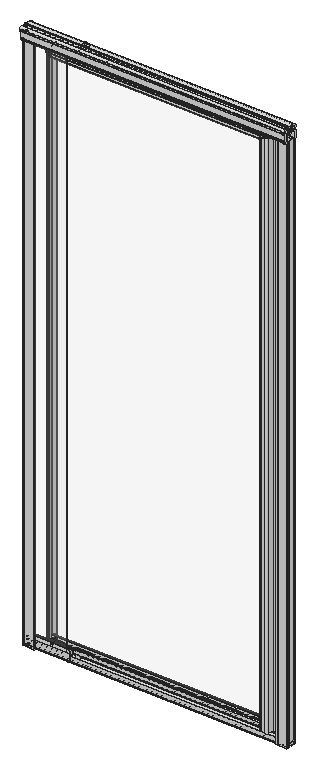
Revit family "Shower-Shower_Door-STERLING-Deluxe-572118_1", category Specialty Equipment, host Face, Revit 2021 (continued)
Definition of nested family "572118"
  Automatic sketch dimensions
    plane 1 "Center (Front/Back)" to curve 64 = 1/8"
    curve 63 to plane 23 = 0.05"
    curve 63 to curve 64 = 0.089"
    curve 61 to curve 59 = 0.04629"
    curve 54 to curve 61 = 0.02141"
    curve 55 to curve 54 = 0.1752"
    curve 61 to curve 55 = 0.0551"
    curve 56 to curve 55 = 0.06383"
    curve 56 to curve 61 = 0.00897"
    curve 57 to curve 56 = 0.0325"
    curve 70 to curve 57 = 0.06509"
    curve 58 to curve 57 = 0.06509"
    curve 71 to curve 58 = 0.00769"
    curve 69 to curve 58 = 0.00769"
    curve 69 to curve 70 = 0.00769"
    plane 18 to curve 72 = 0.26686"
    curve 64 to plane 1 "Center (Front/Back)" = 1/8"
    curve 64 to curve 63 = 0.089"
    curve 53 to curve 52 = 0.016"
    curve 83 to curve 85 = 0.01271"
    curve 74 to plane 19 = 0.02"
    plane 19 to curve 84 = 0.01571"
    plane 19 to curve 77 = 0.04671"
    curve 84 to curve 83 = 0.031"
    curve 76 to curve 76 = 0.02562"
    curve 88 to plane 20 = 0.15802"
    curve 88 to curve 89 = 0.03037"
    curve 79 to plane 20 = 0.04047"
    curve 87 to plane 20 = 0.02961"
    curve 80 to plane 20 = 0.01715"
    curve 86 to plane 20 = 0.01449"
    level to curve 73 = 0.405"
    curve 73 to curve 84 = 0"
    curve 73 to curve 85 = 0"
    curve 84 to curve 86 = 0.453"
    curve 83 to curve 86 = 0"
    level to curve 72 = 0.858"
    curve 87 to curve 86 = 0"
    curve 86 to curve 81 = 0"
    curve 87 to curve 87 = 1/4"
    curve 79 to curve 79 = 1/4"
    curve 72 to curve 69 = 0.35103"
    curve 79 to curve 80 = 0"
    curve 78 to curve 77 = 1/4"
    curve 72 to curve 71 = 0"
    curve 69 to curve 69 = 0.06254"
    curve 77 to curve 51 = 0.292"
    curve 51 to curve 74 = 0.10978"
    curve 75 to curve 74 = 0.13641"
    curve 54 to curve 59 = 0"
    curve 61 to curve 56 = 0.00073"
    curve 57 to curve 56 = 0"
    curve 70 to curve 57 = 0"
    curve 65 to plane 23 = 0.206"
    Extrusion 1 sketch curve to plane 18 = 0"
    Extrusion 1 sketch curve to plane 23 = 0"
    Extrusion 1 sketch curve to plane 19 = 0"  (x2)
    Extrusion 1 sketch curve to Extrusion 1 sketch curve = 0.01995"
    plane 18 to Extrusion 1 sketch curve = 0.05"
    Extrusion 1 sketch curve to Extrusion 1 sketch curve = 0.04475"
    Extrusion 1 sketch curve to Extrusion 1 sketch curve = 0.00494"
    Extrusion 1 sketch curve to Extrusion 1 sketch curve = 0.02029"
    Extrusion 1 sketch curve to Extrusion 1 sketch curve = 0.01536"
    Extrusion 1 sketch curve to Extrusion 1 sketch curve = 0.05"  (x3)
    plane 18 to Extrusion 1 sketch curve = 0.20015"
    Extrusion 1 sketch curve to plane 23 = 0.12"
    plane 18 to Extrusion 1 sketch curve = 0.22141"
    Extrusion 1 sketch curve to Extrusion 1 sketch curve = 0.00074"  (x2)
    Extrusion 1 sketch curve to Extrusion 1 sketch curve = 0.0512"
    Extrusion 1 sketch curve to Extrusion 1 sketch curve = 0.0175"
    Extrusion 1 sketch curve to Extrusion 1 sketch curve = 0.02506"
    Extrusion 1 sketch curve to Extrusion 1 sketch curve = 0.14541"
    Extrusion 1 sketch curve to Extrusion 1 sketch curve = 0.0014"
    Extrusion 1 sketch curve to Extrusion 1 sketch curve = 0.06605"
    Extrusion 1 sketch curve to Extrusion 1 sketch curve = 0.18902"
    Extrusion 1 sketch curve to Extrusion 1 sketch curve = 0.01957"
    Extrusion 1 sketch curve to Extrusion 1 sketch curve = 0.025"  (x4)
    Extrusion 1 sketch curve to Extrusion 1 sketch curve = 0.02021"
    Extrusion 1 sketch curve to Extrusion 1 sketch curve = 0.17115"
    Extrusion 1 sketch curve to Extrusion 1 sketch curve = 0.211"
    Extrusion 1 sketch curve to plane 23 = 0.02006"
    Extrusion 1 sketch curve to Extrusion 1 sketch curve = 0.04165"
    Extrusion 1 sketch curve to Extrusion 1 sketch curve = 0.02023"
    Extrusion 1 sketch curve to Extrusion 1 sketch curve = 0.00003"  (x2)
    Extrusion 1 sketch curve to plane 23 = 0.05"
    Extrusion 1 sketch curve to Extrusion 1 sketch curve = 0.05448"
    Extrusion 1 sketch curve to Extrusion 1 sketch curve = 0.05493"
    Extrusion 1 sketch curve to plane 19 = 0.24141"
    Extrusion 1 sketch curve to Extrusion 1 sketch curve = 0.00091"
    Extrusion 1 sketch curve to plane 19 = 0.17491"
    Extrusion 1 sketch curve to Extrusion 1 sketch curve = 0.05033"
    Extrusion 1 sketch curve to plane 19 = 0.11667"
    Extrusion 1 sketch curve to Extrusion 1 sketch curve = 0.01167"
    Extrusion 1 sketch curve to Extrusion 1 sketch curve = 0.03433"
    Extrusion 1 sketch curve to Extrusion 1 sketch curve = 0.00054"
    Extrusion 1 sketch curve to Extrusion 1 sketch curve = 0.04667"
    Extrusion 1 sketch curve to plane 19 = 0.07"
    Extrusion 1 sketch curve to Extrusion 1 sketch curve = 0.00282"
    Extrusion 1 sketch curve to Extrusion 1 sketch curve = 0.01485"
    Extrusion 1 sketch curve to plane 19 = 0.025"
    Extrusion 1 sketch curve to plane 19 = 0.02"  (x2)
    Extrusion 1 sketch curve to plane 19 = 0.01638"
    Extrusion 1 sketch curve to plane 19 = 0.016"
    Extrusion 1 sketch curve to Extrusion 1 sketch curve = 0.09937"
    Extrusion 1 sketch curve to Extrusion 1 sketch curve = 0.01795"
    Extrusion 1 sketch curve to Extrusion 1 sketch curve = 0.06318"
    Extrusion 1 sketch curve to Extrusion 1 sketch curve = 0.00597"
    Extrusion 1 sketch curve to Extrusion 1 sketch curve = 0.14194"
    Extrusion 1 sketch curve to Extrusion 1 sketch curve = 0.04969"
    Extrusion 1 sketch curve to Extrusion 1 sketch curve = 0.0043"
    Extrusion 1 sketch curve to Extrusion 1 sketch curve = 0.26664"
    Extrusion 1 sketch curve to Extrusion 1 sketch curve = 0.5832"
    Extrusion 1 sketch curve to Extrusion 1 sketch curve = 0.00681"
    Extrusion 1 sketch curve to Extrusion 1 sketch curve = 0.04287"
    Extrusion 1 sketch curve to Extrusion 1 sketch curve = 0.00375"
    Extrusion 1 sketch curve to Extrusion 1 sketch curve = 0.30146"
    Extrusion 1 sketch curve to Extrusion 1 sketch curve = 0.02384"
    Extrusion 1 sketch curve to Extrusion 1 sketch curve = 0.02856"
    Extrusion 1 sketch curve to Extrusion 1 sketch curve = 0.52836"
    Extrusion 1 sketch curve to Extrusion 1 sketch curve = 0"
    Extrusion 1 sketch curve to Extrusion 1 sketch curve = 0.21247"
    Extrusion 1 sketch curve to Extrusion 1 sketch curve = 0.01682"
    Extrusion 1 sketch curve to Extrusion 1 sketch curve = 0.02622"
    Extrusion 1 sketch curve to Extrusion 1 sketch curve = 0.049"
    Extrusion 1 sketch curve to Extrusion 1 sketch curve = 0.3671"
    Extrusion 1 sketch curve to Extrusion 1 sketch curve = 0.00064"
    Extrusion 2 sketch curve to plane 9 = 0"  (x2)
    plane 15 to Extrusion 2 sketch curve = 0.00796"
    plane 15 to Extrusion 2 sketch curve = 0.03435"
    plane 15 to Extrusion 2 sketch curve = 0.03591"
    plane 15 to Extrusion 2 sketch curve = 0.03594"
    plane 15 to Extrusion 2 sketch curve = 0.04242"
    Extrusion 2 sketch curve to Extrusion 2 sketch curve = 0.01216"
    Extrusion 2 sketch curve to Extrusion 2 sketch curve = 0.01164"
    Extrusion 2 sketch curve to Extrusion 2 sketch curve = 0.01246"
    Extrusion 2 sketch curve to plane 9 = 0.055"
    Extrusion 2 sketch curve to Extrusion 2 sketch curve = 0.01645"
    Extrusion 2 sketch curve to Extrusion 2 sketch curve = 0.01456"
    Extrusion 2 sketch curve to Extrusion 2 sketch curve = 0.01446"
    Extrusion 2 sketch curve to Extrusion 2 sketch curve = 0.0154"
    Extrusion 2 sketch curve to Extrusion 2 sketch curve = 0.01569"
    Extrusion 2 sketch curve to Extrusion 2 sketch curve = 0.01096"
    Extrusion 2 sketch curve to Extrusion 2 sketch curve = 0.01368"
    Extrusion 2 sketch curve to Extrusion 2 sketch curve = 0.01501"
    Extrusion 2 sketch curve to Extrusion 2 sketch curve = 0.02207"
    plane 18 to Extrusion 2 sketch curve = 0.34588"
    Extrusion 2 sketch curve to Extrusion 2 sketch curve = 0.0501"
    Extrusion 2 sketch curve to Extrusion 2 sketch curve = 0"  (x2)
    Extrusion 2 sketch curve to Extrusion 2 sketch curve = 0.04274"
    Extrusion 2 sketch curve to Extrusion 2 sketch curve = 0.00992"
    Extrusion 2 sketch curve to Extrusion 2 sketch curve = 0.05493"
    Extrusion 2 sketch curve to Extrusion 2 sketch curve = 0.10573"
    Extrusion 2 sketch curve to Extrusion 2 sketch curve = 0.07743"  (x3)
    Extrusion 2 sketch curve to Extrusion 2 sketch curve = 0.00811"
    Extrusion 2 sketch curve to Extrusion 2 sketch curve = 0.04911"
    Extrusion 2 sketch curve to Extrusion 2 sketch curve = 0.00728"
    Extrusion 2 sketch curve to Extrusion 2 sketch curve = 0.00684"
    Extrusion 2 sketch curve to plane 1 "Center (Front/Back)" = 0.20474"
    Extrusion 2 sketch curve to Extrusion 2 sketch curve = 0.00726"
    Extrusion 2 sketch curve to Extrusion 2 sketch curve = 0.00647"
    Extrusion 2 sketch curve to Extrusion 2 sketch curve = 0.04856"
    Extrusion 2 sketch curve to Extrusion 2 sketch curve = 0.04847"
    Extrusion 3 sketch curve to plane 4 = 0"
    Extrusion 3 sketch curve to plane 4 = 0.02359"
    Extrusion 3 sketch curve to plane 4 = 0.02461"
    Extrusion 3 sketch curve to plane 4 = 0.03325"
    Extrusion 3 sketch curve to Extrusion 3 sketch curve = 0.013"
    Extrusion 3 sketch curve to plane 4 = 0.048"
    Extrusion 3 sketch curve to Extrusion 3 sketch curve = 0.00131"
    Extrusion 3 sketch curve to Extrusion 3 sketch curve = 0.01985"
    Extrusion 3 sketch curve to Extrusion 3 sketch curve = 0.00053"
    Extrusion 3 sketch curve to Extrusion 3 sketch curve = 0.02861"
    Extrusion 3 sketch curve to Extrusion 3 sketch curve = 0.06684"
    Extrusion 3 sketch curve to Extrusion 3 sketch curve = 0.00291"
    Extrusion 3 sketch curve to Extrusion 3 sketch curve = 0.02252"
    Extrusion 3 sketch curve to Extrusion 3 sketch curve = 0.11224"
    Extrusion 3 sketch curve to Extrusion 3 sketch curve = 0.15781"
    Extrusion 3 sketch curve to Extrusion 3 sketch curve = 0.01063"
    Extrusion 3 sketch curve to Extrusion 3 sketch curve = 0.0196"
    Extrusion 3 sketch curve to Extrusion 3 sketch curve = 0.048"
    Extrusion 3 sketch curve to Extrusion 3 sketch curve = 0.02054"
    Extrusion 3 sketch curve to plane 19 = 0.09404"
    Extrusion 3 sketch curve to Extrusion 3 sketch curve = 0.15803"
    Extrusion 3 sketch curve to plane 4 = 0.74842"
    Extrusion 3 sketch curve to plane 4 = 0.7529"
    plane 18 to Extrusion 3 sketch curve = 0.38717"
    Extrusion 3 sketch curve to Extrusion 3 sketch curve = 0.97597"
    Extrusion 3 sketch curve to Extrusion 3 sketch curve = 0.025"
    Extrusion 3 sketch curve to plane 7 = 1.1033"
    Extrusion 3 sketch curve to Extrusion 3 sketch curve = 0.13512"
    Extrusion 3 sketch curve to plane 19 = 0.09352"
    Extrusion 3 sketch curve to Extrusion 3 sketch curve = 0.02448"
    plane 1 "Center (Front/Back)" to Extrusion 3 sketch curve = 0.36262"
    Extrusion 3 sketch curve to Extrusion 3 sketch curve = 0.00946"
    Extrusion 3 sketch curve to Extrusion 3 sketch curve = 0.14027"
    Extrusion 3 sketch curve to Extrusion 3 sketch curve = 0.03954"
    Extrusion 3 sketch curve to Extrusion 3 sketch curve = 0.06682"
    Extrusion 3 sketch curve to Extrusion 3 sketch curve = 0.04599"
    Extrusion 3 sketch curve to Extrusion 3 sketch curve = 0.02629"
    Extrusion 3 sketch curve to Extrusion 3 sketch curve = 0.03258"
    Extrusion 3 sketch curve to Extrusion 3 sketch curve = 0.00471"
    Extrusion 3 sketch curve to Extrusion 3 sketch curve = 0.02488"
    Extrusion 3 sketch curve to Extrusion 3 sketch curve = 0.03012"
    Extrusion 3 sketch curve to Extrusion 3 sketch curve = 0.05911"
    Extrusion 3 sketch curve to Extrusion 3 sketch curve = 0.03267"
    Extrusion 3 sketch curve to plane 18 = 1.03924"
    Extrusion 3 sketch curve to Extrusion 3 sketch curve = 8.31247"
    Extrusion 3 sketch curve to Extrusion 3 sketch curve = 2.76245"
    Extrusion 3 sketch curve to Extrusion 3 sketch curve = 0"  (x2)
    Extrusion 3 sketch curve to Extrusion 3 sketch curve = 0.03855"
    Extrusion 4 sketch curve to Extrusion 4 sketch curve = 0.17715"
    Extrusion 4 sketch curve to Extrusion 4 sketch curve = 0.051"
    Extrusion 4 sketch curve to plane 17 = 0.01135"
    Extrusion 4 sketch curve to Extrusion 4 sketch curve = 0.0284"
    plane 18 to Extrusion 4 sketch curve = 0.14705"
    Extrusion 4 sketch curve to Extrusion 4 sketch curve = 0.06747"
    Extrusion 4 sketch curve to Extrusion 4 sketch curve = 0.07699"
    plane 1 "Center (Front/Back)" to Extrusion 4 sketch curve = 0.09828"
    plane 1 "Center (Front/Back)" to Extrusion 4 sketch curve = 0.05979"
    Extrusion 4 sketch curve to plane 1 "Center (Front/Back)" = 0.17108"
    Extrusion 4 sketch curve to Extrusion 4 sketch curve = 0.05713"
    Extrusion 4 sketch curve to Extrusion 4 sketch curve = 0.065"  (x2)
    Extrusion 4 sketch curve to Extrusion 4 sketch curve = 0.04"  (x2)
    Extrusion 4 sketch curve to plane 20 = 0.05397"
    Extrusion 4 sketch curve to plane 20 = 0.00035"
    plane 20 to Extrusion 4 sketch curve = 0.04614"
    Extrusion 5 sketch curve to level = 0"  (x2)
    level to Extrusion 5 sketch curve = 0.07"
    plane 18 to Extrusion 5 sketch curve = 0.47771"  (x2)
    Extrusion 5 sketch curve to Extrusion 5 sketch curve = 0.01981"
    Extrusion 5 sketch curve to Extrusion 5 sketch curve = 0.025"
    Extrusion 5 sketch curve to Extrusion 5 sketch curve = 0.03"
    Extrusion 5 sketch curve to Extrusion 5 sketch curve = 0"
    Extrusion 5 sketch curve to Extrusion 5 sketch curve = 0.02001"
    Extrusion 5 sketch curve to Extrusion 5 sketch curve = 0.02007"
    Extrusion 5 sketch curve to Extrusion 5 sketch curve = 0.02018"
    Extrusion 5 sketch curve to Extrusion 5 sketch curve = 0.0597"
    Extrusion 5 sketch curve to Extrusion 5 sketch curve = 0.03992"
    Extrusion 5 sketch curve to Extrusion 5 sketch curve = 0.00488"
    Extrusion 5 sketch curve to Extrusion 5 sketch curve = 0.00457"  (x2)
    Extrusion 5 sketch curve to Extrusion 5 sketch curve = 0.01532"
    Extrusion 5 sketch curve to Extrusion 5 sketch curve = 0.055"  (x2)
    Extrusion 5 sketch curve to plane 1 "Center (Front/Back)" = 0.00563"
    Extrusion 5 sketch curve to plane 19 = 0.20208"
    Extrusion 5 sketch curve to Extrusion 5 sketch curve = 0.00355"
    Extrusion 5 sketch curve to Extrusion 5 sketch curve = 0.02024"
    Extrusion 5 sketch curve to Extrusion 5 sketch curve = 0.03522"
    Extrusion 5 sketch curve to Extrusion 5 sketch curve = 0.0225"
    Extrusion 5 sketch curve to Extrusion 5 sketch curve = 0.06865"
    Extrusion 5 sketch curve to Extrusion 5 sketch curve = 0.03086"
    Extrusion 5 sketch curve to Extrusion 5 sketch curve = 0.28121"
    Extrusion 5 sketch curve to Extrusion 5 sketch curve = 0.00555"
    Extrusion 5 sketch curve to Extrusion 5 sketch curve = 0.22516"
    plane 18 to Extrusion 6 sketch curve = 0.42771"
    Extrusion 6 sketch curve to Extrusion 6 sketch curve = 0.01994"
    Extrusion 6 sketch curve to Extrusion 6 sketch curve = 0.03196"
    Extrusion 6 sketch curve to Extrusion 6 sketch curve = 0.03006"
    Extrusion 6 sketch curve to Extrusion 6 sketch curve = 0.05017"
    Extrusion 6 sketch curve to Extrusion 6 sketch curve = 0.02492"  (x2)
    Extrusion 6 sketch curve to Extrusion 6 sketch curve = 0.01977"
    Extrusion 6 sketch curve to Extrusion 6 sketch curve = 0.02011"
    Extrusion 6 sketch curve to Extrusion 6 sketch curve = 0.02018"
    Extrusion 6 sketch curve to Extrusion 6 sketch curve = 0.03477"
    Extrusion 6 sketch curve to Extrusion 6 sketch curve = 0.02036"
    Extrusion 6 sketch curve to Extrusion 6 sketch curve = 0.02484"
    Extrusion 6 sketch curve to Extrusion 6 sketch curve = 0.02051"
    Extrusion 6 sketch curve to Extrusion 6 sketch curve = 0.18836"
    Extrusion 6 sketch curve to Extrusion 6 sketch curve = 0.21158"
    Extrusion 6 sketch curve to Extrusion 6 sketch curve = 0.00097"
    Extrusion 6 sketch curve to Extrusion 6 sketch curve = 0.02494"  (x2)
    Extrusion 6 sketch curve to Extrusion 6 sketch curve = 0.01917"
    Extrusion 6 sketch curve to Extrusion 6 sketch curve = 0.02032"
    Extrusion 6 sketch curve to Extrusion 6 sketch curve = 0.025"
    level to Extrusion 6 sketch curve = 0.085"
    Extrusion 6 sketch curve to Extrusion 6 sketch curve = 0.01619"
    Extrusion 6 sketch curve to Extrusion 6 sketch curve = 0.0369"
    Extrusion 6 sketch curve to Extrusion 6 sketch curve = 0.36859"
    Extrusion 6 sketch curve to Extrusion 6 sketch curve = 0.2777"
    Extrusion 6 sketch curve to Extrusion 6 sketch curve = 0.055"
    Extrusion 6 sketch curve to Extrusion 6 sketch curve = 0.01921"
    Extrusion 6 sketch curve to Extrusion 6 sketch curve = 0.00086"
    Extrusion 6 sketch curve to Extrusion 6 sketch curve = 0.01982"
    Extrusion 6 sketch curve to Extrusion 6 sketch curve = 0.00132"
    Extrusion 6 sketch curve to Extrusion 6 sketch curve = 0.45287"
    Extrusion 6 sketch curve to Extrusion 6 sketch curve = 0"
    Extrusion 6 sketch curve to Extrusion 6 sketch curve = 0.00174"  (x2)
    Extrusion 7 sketch curve to plane 7 = 0"
    Extrusion 7 sketch curve to Extrusion 7 sketch curve = 0.02171"
    plane 7 to Extrusion 7 sketch curve = 0.02327"
    plane 7 to Extrusion 7 sketch curve = 0.04"
    Extrusion 7 sketch curve to plane 20 = 0.06747"
    plane 7 to Extrusion 7 sketch curve = 0.31976"
    Extrusion 7 sketch curve to Extrusion 7 sketch curve = 0.00557"
    Extrusion 7 sketch curve to Extrusion 7 sketch curve = 0.305"
    Extrusion 7 sketch curve to Extrusion 7 sketch curve = 0.0089"
    plane 1 "Center (Front/Back)" to Extrusion 7 sketch curve = 0.0859"
    Extrusion 7 sketch curve to Extrusion 7 sketch curve = 0.0169"
    Extrusion 7 sketch curve to Extrusion 7 sketch curve = 0.07524"
    plane 1 "Center (Front/Back)" to Extrusion 7 sketch curve = 0.0903"
    Extrusion 7 sketch curve to plane 1 "Center (Front/Back)" = 0.17318"
    Extrusion 7 sketch curve to Extrusion 7 sketch curve = 0.04279"
    Extrusion 7 sketch curve to Extrusion 7 sketch curve = 0.09475"
    plane 1 "Center (Front/Back)" to Extrusion 8 sketch curve = 0.24573"
    Extrusion 8 sketch curve to Extrusion 8 sketch curve = 0.02017"
    Extrusion 8 sketch curve to Extrusion 8 sketch curve = 0.02217"
    Extrusion 8 sketch curve to Extrusion 8 sketch curve = 0.05327"
    Extrusion 8 sketch curve to Extrusion 8 sketch curve = 0.01996"
    Extrusion 8 sketch curve to Extrusion 8 sketch curve = 0.02082"
    Extrusion 8 sketch curve to Extrusion 8 sketch curve = 0.0187"
    Extrusion 8 sketch curve to Extrusion 8 sketch curve = 0.04347"
    plane 1 "Center (Front/Back)" to Extrusion 8 sketch curve = 0.09929"
    plane 1 "Center (Front/Back)" to Extrusion 8 sketch curve = 0.07088"
    plane 1 "Center (Front/Back)" to Extrusion 8 sketch curve = 0.04162"
    plane 1 "Center (Front/Back)" to Extrusion 8 sketch curve = 0.00479"
    plane 1 "Center (Front/Back)" to Extrusion 8 sketch curve = 0.00334"
    Extrusion 8 sketch curve to plane 1 "Center (Front/Back)" = 0.04022"
    Extrusion 8 sketch curve to Extrusion 8 sketch curve = 0.01737"
    Extrusion 8 sketch curve to Extrusion 8 sketch curve = 0.00317"
    Extrusion 8 sketch curve to Extrusion 8 sketch curve = 0.05834"
    Extrusion 8 sketch curve to plane 1 "Center (Front/Back)" = 0.12419"
    Extrusion 8 sketch curve to Extrusion 8 sketch curve = 0.03309"
    Extrusion 8 sketch curve to Extrusion 8 sketch curve = 0.06144"
    Extrusion 8 sketch curve to Extrusion 8 sketch curve = 0.00592"
    Extrusion 8 sketch curve to plane 1 "Center (Front/Back)" = 0.19571"
    Extrusion 8 sketch curve to Extrusion 8 sketch curve = 0.0556"  (x2)
    Extrusion 8 sketch curve to Extrusion 8 sketch curve = 0.02013"
    Extrusion 8 sketch curve to Extrusion 8 sketch curve = 0.08018"
    Extrusion 8 sketch curve to Extrusion 8 sketch curve = 0.07224"
    Extrusion 8 sketch curve to Extrusion 8 sketch curve = 0.01976"
    Extrusion 8 sketch curve to Extrusion 8 sketch curve = 0.03105"
    Extrusion 8 sketch curve to Extrusion 8 sketch curve = 0.06051"
    Extrusion 8 sketch curve to Extrusion 8 sketch curve = 0.06811"
    Extrusion 8 sketch curve to Extrusion 8 sketch curve = 0.00671"
    Extrusion 8 sketch curve to Extrusion 8 sketch curve = 0.01024"
    Extrusion 8 sketch curve to Extrusion 8 sketch curve = 0.05969"
    Extrusion 8 sketch curve to Extrusion 8 sketch curve = 0.0016"
    Extrusion 8 sketch curve to Extrusion 8 sketch curve = 0.02125"
    Extrusion 8 sketch curve to Extrusion 8 sketch curve = 0.03887"
    Extrusion 8 sketch curve to Extrusion 8 sketch curve = 0.05"
    Extrusion 8 sketch curve to Extrusion 8 sketch curve = 0.00087"
    Extrusion 8 sketch curve to Extrusion 8 sketch curve = 0.00231"
    Extrusion 8 sketch curve to Extrusion 8 sketch curve = 0.02064"
    Extrusion 8 sketch curve to Extrusion 8 sketch curve = 0.01698"
    plane 19 to Extrusion 8 sketch curve = 0.00271"
    Extrusion 8 sketch curve to plane 20 = 0.11697"
    Extrusion 8 sketch curve to Extrusion 8 sketch curve = 0.00915"  (x2)
    level to Extrusion 8 sketch curve = 0.858"
    Extrusion 8 sketch curve to Extrusion 8 sketch curve = 0"  (x6)
    Extrusion 8 sketch curve to Extrusion 8 sketch curve = 0.00218"
    Extrusion 8 sketch curve to Extrusion 8 sketch curve = 0.0325"
    Extrusion 8 sketch curve to Extrusion 8 sketch curve = 0.03901"
    Extrusion 8 sketch curve to Extrusion 8 sketch curve = 0.04487"
    Extrusion 8 sketch curve to Extrusion 8 sketch curve = 0.15342"
    Extrusion 8 sketch curve to Extrusion 8 sketch curve = 0.17212"
    Extrusion 8 sketch curve to Extrusion 8 sketch curve = 0.01922"  (x2)
    Extrusion 8 sketch curve to Extrusion 8 sketch curve = 0.02326"
    Extrusion 8 sketch curve to Extrusion 8 sketch curve = 0.08053"
    Extrusion 8 sketch curve to Extrusion 8 sketch curve = 0.0002"
    Extrusion 8 sketch curve to Extrusion 8 sketch curve = 0.26455"
    Extrusion 8 sketch curve to Extrusion 8 sketch curve = 0.00023"
    Extrusion 8 sketch curve to Extrusion 8 sketch curve = 0.05333"
    Extrusion 8 sketch curve to Extrusion 8 sketch curve = 0.00063"
    Extrusion 8 sketch curve to Extrusion 8 sketch curve = 0.02106"
    Extrusion 8 sketch curve to Extrusion 8 sketch curve = 0.0036"
    Extrusion 8 sketch curve to Extrusion 8 sketch curve = 0.05033"
    Extrusion 8 sketch curve to Extrusion 8 sketch curve = 0.00773"
    Extrusion 8 sketch curve to Extrusion 8 sketch curve = 0.00049"
    Extrusion 8 sketch curve to Extrusion 8 sketch curve = 0.06279"
    Extrusion 8 sketch curve to Extrusion 8 sketch curve = 0.08725"
    Extrusion 8 sketch curve to Extrusion 8 sketch curve = 0.01503"
    Extrusion 8 sketch curve to Extrusion 8 sketch curve = 0.02218"
    Extrusion 8 sketch curve to Extrusion 8 sketch curve = 0.04324"
    Extrusion 8 sketch curve to Extrusion 8 sketch curve = 0.25961"
    Extrusion 9 sketch curve to plane 24 = 0.008"
    Extrusion 9 sketch curve to Extrusion 9 sketch curve = 0.35"
    Extrusion 9 sketch curve to Extrusion 9 sketch curve = 0"
    Extrusion 9 sketch curve to Extrusion 9 sketch curve = 0.03966"
    Extrusion 9 sketch curve to Extrusion 9 sketch curve = 0.04397"
    Extrusion 9 sketch curve to Extrusion 9 sketch curve = 0.05603"
    plane 18 to Extrusion 9 sketch curve = 0.41959"
    Extrusion 9 sketch curve to Extrusion 9 sketch curve = 0.05998"
    Extrusion 9 sketch curve to Extrusion 9 sketch curve = 0.24829"
    Extrusion 9 sketch curve to Extrusion 9 sketch curve = 0.00395"
    plane 19 to Extrusion 10 sketch curve = 0.00498"
    plane 5 to Extrusion 10 sketch curve = 0.0247"
    Extrusion 10 sketch curve to plane 19 = 0.01429"
    Extrusion 10 sketch curve to plane 19 = 0.05279"
    Extrusion 10 sketch curve to plane 19 = 0.07329"
    Extrusion 10 sketch curve to plane 19 = 0.12329"
    Extrusion 10 sketch curve to Extrusion 10 sketch curve = 0.056"
    Extrusion 10 sketch curve to Extrusion 10 sketch curve = 0.0765"
    Extrusion 10 sketch curve to Extrusion 10 sketch curve = 0.055"  (x2)
    plane 1 "Center (Front/Back)" to Extrusion 10 sketch curve = 0.52829"
    Extrusion 11 sketch curve to plane 24 = 0"
    Extrusion 11 sketch curve to plane 4 = 0.07425"
    plane 18 to Extrusion 11 sketch curve = 0.52571"
    Extrusion 11 sketch curve to Extrusion 11 sketch curve = 0.14699"
    plane 1 "Center (Front/Back)" to Extrusion 12 sketch curve = 0.24573"
    Extrusion 12 sketch curve to Extrusion 12 sketch curve = 0.02017"
    Extrusion 12 sketch curve to Extrusion 12 sketch curve = 0.02217"
    Extrusion 12 sketch curve to Extrusion 12 sketch curve = 0.05327"
    Extrusion 12 sketch curve to Extrusion 12 sketch curve = 0.01996"
    Extrusion 12 sketch curve to Extrusion 12 sketch curve = 0.02082"
    Extrusion 12 sketch curve to Extrusion 12 sketch curve = 0.0187"
    Extrusion 12 sketch curve to Extrusion 12 sketch curve = 0.04347"
    plane 1 "Center (Front/Back)" to Extrusion 12 sketch curve = 0.09929"
    plane 1 "Center (Front/Back)" to Extrusion 12 sketch curve = 0.07088"
    plane 1 "Center (Front/Back)" to Extrusion 12 sketch curve = 0.04162"
    plane 1 "Center (Front/Back)" to Extrusion 12 sketch curve = 0.00479"
    plane 1 "Center (Front/Back)" to Extrusion 12 sketch curve = 0.00334"
    Extrusion 12 sketch curve to plane 1 "Center (Front/Back)" = 0.04022"
    Extrusion 12 sketch curve to Extrusion 12 sketch curve = 0.01737"
    Extrusion 12 sketch curve to Extrusion 12 sketch curve = 0.00317"
    Extrusion 12 sketch curve to Extrusion 12 sketch curve = 0.05834"
    Extrusion 12 sketch curve to plane 1 "Center (Front/Back)" = 0.12419"
    Extrusion 12 sketch curve to Extrusion 12 sketch curve = 0.03309"
    Extrusion 12 sketch curve to Extrusion 12 sketch curve = 0.06144"
    Extrusion 12 sketch curve to Extrusion 12 sketch curve = 0.00592"
    Extrusion 12 sketch curve to plane 1 "Center (Front/Back)" = 0.19571"
    Extrusion 12 sketch curve to Extrusion 12 sketch curve = 0.0556"
    Extrusion 12 sketch curve to Extrusion 12 sketch curve = 0.02013"
    Extrusion 12 sketch curve to Extrusion 12 sketch curve = 0.08018"
    Extrusion 12 sketch curve to Extrusion 12 sketch curve = 0.07224"
    Extrusion 12 sketch curve to Extrusion 12 sketch curve = 0.01976"
    Extrusion 12 sketch curve to Extrusion 12 sketch curve = 0.08479"
    Extrusion 12 sketch curve to Extrusion 12 sketch curve = 0.06051"
    Extrusion 12 sketch curve to Extrusion 12 sketch curve = 0.06811"
    Extrusion 12 sketch curve to Extrusion 12 sketch curve = 0.00671"
    Extrusion 12 sketch curve to Extrusion 12 sketch curve = 0.01024"
    Extrusion 12 sketch curve to Extrusion 12 sketch curve = 0.05969"
    Extrusion 12 sketch curve to Extrusion 12 sketch curve = 0.0016"
    Extrusion 12 sketch curve to Extrusion 12 sketch curve = 0.02125"
    Extrusion 12 sketch curve to Extrusion 12 sketch curve = 0.03887"
    Extrusion 12 sketch curve to Extrusion 12 sketch curve = 0.05"
    Extrusion 12 sketch curve to Extrusion 12 sketch curve = 0.00087"
    Extrusion 12 sketch curve to Extrusion 12 sketch curve = 0.00231"
    Extrusion 12 sketch curve to Extrusion 12 sketch curve = 0.02064"
    Extrusion 12 sketch curve to Extrusion 12 sketch curve = 0.01698"
    plane 19 to Extrusion 12 sketch curve = 0.00271"
    Extrusion 12 sketch curve to plane 20 = 0.11697"
    Extrusion 12 sketch curve to Extrusion 12 sketch curve = 0.00915"  (x2)
    Extrusion 12 sketch curve to plane 23 = 2 191/256"
    Extrusion 12 sketch curve to Extrusion 12 sketch curve = 0"  (x7)
    Extrusion 12 sketch curve to Extrusion 12 sketch curve = 0.26168"
    Extrusion 12 sketch curve to Extrusion 12 sketch curve = 0.04324"
    Extrusion 12 sketch curve to Extrusion 12 sketch curve = 0.10288"
    Extrusion 12 sketch curve to Extrusion 12 sketch curve = 0.02218"
    Extrusion 12 sketch curve to Extrusion 12 sketch curve = 0.01503"
    Extrusion 12 sketch curve to Extrusion 12 sketch curve = 0.02893"
    Extrusion 12 sketch curve to Extrusion 12 sketch curve = 0.00049"
    Extrusion 12 sketch curve to Extrusion 12 sketch curve = 0.00822"
    Extrusion 12 sketch curve to Extrusion 12 sketch curve = 0.065"
    Extrusion 12 sketch curve to Extrusion 12 sketch curve = 0.08456"
    Extrusion 12 sketch curve to Extrusion 12 sketch curve = 0.02356"
    Extrusion 12 sketch curve to Extrusion 12 sketch curve = 0.00063"
    Extrusion 12 sketch curve to Extrusion 12 sketch curve = 0.05783"
    Extrusion 12 sketch curve to Extrusion 12 sketch curve = 0.02706"
    Extrusion 12 sketch curve to Extrusion 12 sketch curve = 0.05376"
    Extrusion 12 sketch curve to Extrusion 12 sketch curve = 0.05333"
    Extrusion 12 sketch curve to Extrusion 12 sketch curve = 0.03453"
    Extrusion 12 sketch curve to Extrusion 12 sketch curve = 0.02326"
    Extrusion 12 sketch curve to Extrusion 12 sketch curve = 0.08073"
    Extrusion 12 sketch curve to Extrusion 12 sketch curve = 0.01922"
    Extrusion 12 sketch curve to Extrusion 12 sketch curve = 0.28921"
    Extrusion 12 sketch curve to Extrusion 12 sketch curve = 0.14525"
    Extrusion 12 sketch curve to Extrusion 12 sketch curve = 0.15342"
    Extrusion 12 sketch curve to Extrusion 12 sketch curve = 0.0325"
    Extrusion 12 sketch curve to Extrusion 12 sketch curve = 0.04446"
    Extrusion 12 sketch curve to Extrusion 12 sketch curve = 0.03901"
    Extrusion 13 sketch curve to plane 16 = 0"
    plane 7 to Extrusion 13 sketch curve = 0.083"
    plane 1 "Center (Front/Back)" to Extrusion 13 sketch curve = 0.00479"
    Extrusion 13 sketch curve to plane 1 "Center (Front/Back)" = 0.12419"
    plane 1 "Center (Front/Back)" to Extrusion 14 sketch curve = 0.37"
    Extrusion 14 sketch curve to Extrusion 14 sketch curve = 0.07441"
    Extrusion 14 sketch curve to Extrusion 14 sketch curve = 0.02059"
    Extrusion 14 sketch curve to plane 23 = 0.05"
    plane 1 "Center (Front/Back)" to Extrusion 14 sketch curve = 0.214"
    Extrusion 14 sketch curve to plane 1 "Center (Front/Back)" = 0.214"
    Extrusion 14 sketch curve to plane 19 = 0.21"
    Extrusion 14 sketch curve to Extrusion 14 sketch curve = 0.02104"
    Extrusion 14 sketch curve to Extrusion 14 sketch curve = 0.07396"
    Extrusion 14 sketch curve to plane 23 = 0.206"  (x2)
    Extrusion 14 sketch curve to Extrusion 14 sketch curve = 0.469"  (x2)
    Extrusion 14 sketch curve to Extrusion 14 sketch curve = 0.22941"
    Revolve 15 sketch curve to plane 22 = 0"
    Revolve 15 sketch curve to plane 23 = 0"
    Revolve 15 sketch curve to plane 6 = 0"  (x2)
    Revolve 15 sketch curve to plane 6 = 0.25602"
    Revolve 15 sketch curve to Revolve 15 sketch curve = 0.03899"
    plane 22 to Revolve 15 sketch curve = 0.03392"
    Revolve 16 sketch curve to plane 24 = 0.58423"
    Revolve 16 sketch curve to Revolve 16 sketch curve = 0.15039"
    Revolve 16 sketch curve to plane 24 = 0.73462"
    Revolve 16 sketch curve to Revolve 16 sketch curve = 0.12338"  (x2)
    Revolve 16 sketch curve to plane 23 = 2.085"
    Revolve 16 sketch curve to Revolve 16 sketch curve = 0.253"
    Revolve 16 sketch curve to Revolve 16 sketch curve = 0.219"
    Revolve 16 sketch curve to plane 23 = 0.75375"
    Revolve 16 sketch curve to Revolve 16 sketch curve = 0.26"
    Revolve 16 sketch curve to Revolve 16 sketch curve = 0.06461"
    plane 1 "Center (Front/Back)" to Extrusion 17 sketch curve = 0"  (x3)
    Extrusion 17 sketch curve to plane 6 = 0"
    Extrusion 17 sketch curve to plane 6 = 0.09959"  (x2)
    Extrusion 17 sketch curve to Extrusion 17 sketch curve = 0.09959"  (x2)
    plane 6 to Extrusion 17 sketch curve = 0.09959"  (x2)
    plane 1 "Center (Front/Back)" to Extrusion 17 sketch curve = 0.1725"
    Extrusion 17 sketch curve to plane 1 "Center (Front/Back)" = 0.1725"
    Revolve 18 sketch curve to plane 6 = 0.775"
    Revolve 18 sketch curve to Revolve 18 sketch curve = 0.25483"
    level to Revolve 18 sketch curve = 0.405"
    Revolve 18 sketch curve to Revolve 18 sketch curve = 0.453"
    Revolve 18 sketch curve to Revolve 18 sketch curve = 0"
    Revolve 18 sketch curve to Revolve 18 sketch curve = 0.081"
    Revolve 18 sketch curve to Revolve 18 sketch curve = 0.12429"
    Masking region 1 sketch curve to level = 0"
    plane 4 to Masking region 1 sketch curve = 0"
    plane 24 to Masking region 1 sketch curve = 0.142"
    Masking region 1 sketch curve to plane 23 = 0"  (x2)
    Masking region 1 sketch curve to plane 24 = 0.358"
    Masking region 1 sketch curve to Masking region 1 sketch curve = 0.24712"
    Masking region 1 sketch curve to plane 24 = 0.60512"
    Masking region 1 sketch curve to Masking region 1 sketch curve = 0.12919"
    Masking region 1 sketch curve to Masking region 1 sketch curve = 0.24756"
    Masking region 1 sketch curve to Masking region 1 sketch curve = 0.12901"
    Masking region 1 sketch curve to Masking region 1 sketch curve = 0.50576"
    Masking region 1 sketch curve to plane 6 = 0.14434"
    plane 22 to Masking region 1 sketch curve = 0"
    plane 6 to Masking region 1 sketch curve = 0.14565"
    level to Masking region 1 sketch curve = 0.65573"
    Masking region 1 sketch curve to Masking region 1 sketch curve = 0"  (x2)
    Masking region 1 sketch curve to Masking region 1 sketch curve = 0.20227"  (x2)
    Masking region 1 sketch curve to plane 23 = 1.832"
    Masking region 1 sketch curve to Masking region 1 sketch curve = 0.142"
    Masking region 1 sketch curve to Masking region 1 sketch curve = 0.21641"
    Masking region 1 sketch curve to Masking region 1 sketch curve = 0.219"
    Masking region 1 sketch curve to Masking region 1 sketch curve = 0.048"
    Masking region 1 sketch curve to Masking region 1 sketch curve = 0.267"
    Masking region 2 sketch curve to level = 0"
    Masking region 2 sketch curve to plane 23 = 0"  (x2)
    Masking region 2 sketch curve to plane 22 = 0"
    Masking region 2 sketch curve to plane 21 = 0"
    plane 19 to Masking region 2 sketch curve = 0.076"
    Masking region 2 sketch curve to Masking region 2 sketch curve = 0.02427"
    Masking region 2 sketch curve to Masking region 2 sketch curve = 0.02537"
    plane 19 to Masking region 2 sketch curve = 0.04671"  (x2)
    Masking region 2 sketch curve to plane 19 = 0.02"  (x3)
    Masking region 2 sketch curve to plane 19 = 0.02917"
    Masking region 2 sketch curve to Masking region 2 sketch curve = 0.01166"
    Masking region 2 sketch curve to Masking region 2 sketch curve = 0.02477"
    Masking region 2 sketch curve to Masking region 2 sketch curve = 0.01418"
    Masking region 2 sketch curve to plane 19 = 0.06929"
    Masking region 2 sketch curve to Masking region 2 sketch curve = 0.05"  (x2)
    Masking region 2 sketch curve to plane 19 = 0.07"
    Masking region 2 sketch curve to Masking region 2 sketch curve = 0.01444"
    Masking region 2 sketch curve to Masking region 2 sketch curve = 0.002"
    Masking region 2 sketch curve to Masking region 2 sketch curve = 0.02813"
    Masking region 2 sketch curve to Masking region 2 sketch curve = 0.01"
    Masking region 2 sketch curve to Masking region 2 sketch curve = 0.01189"
    Masking region 2 sketch curve to Masking region 2 sketch curve = 0.04811"
    Masking region 2 sketch curve to Masking region 2 sketch curve = 0.013"
    Masking region 2 sketch curve to Masking region 2 sketch curve = 0.035"
    Masking region 2 sketch curve to plane 23 = 0.05"  (x2)
    Masking region 2 sketch curve to Masking region 2 sketch curve = 0.1069"
    Masking region 2 sketch curve to Masking region 2 sketch curve = 0.12795"
    Masking region 2 sketch curve to Masking region 2 sketch curve = 0.00038"
    Masking region 2 sketch curve to Masking region 2 sketch curve = 0.0491"
    Masking region 2 sketch curve to Masking region 2 sketch curve = 0.089"  (x2)
    plane 1 "Center (Front/Back)" to Masking region 2 sketch curve = 1/8"
    Masking region 2 sketch curve to Masking region 2 sketch curve = 0.11027"
    plane 1 "Center (Front/Back)" to Masking region 2 sketch curve = 0.34827"
    Masking region 2 sketch curve to Masking region 2 sketch curve = 0.00073"
    Masking region 2 sketch curve to Masking region 2 sketch curve = 0.04573"
    Masking region 2 sketch curve to Masking region 2 sketch curve = 0.05325"
    Masking region 2 sketch curve to Masking region 2 sketch curve = 0.028"
    Masking region 2 sketch curve to Masking region 2 sketch curve = 0.022"
    Masking region 2 sketch curve to Masking region 2 sketch curve = 0.00929"
    Masking region 2 sketch curve to Masking region 2 sketch curve = 0.078"
    Masking region 2 sketch curve to Masking region 2 sketch curve = 0.156"
    Masking region 2 sketch curve to Masking region 2 sketch curve = 0.04571"
    Masking region 2 sketch curve to Masking region 2 sketch curve = 0.06856"
    Masking region 2 sketch curve to Masking region 2 sketch curve = 0.02715"
    plane 18 to Masking region 2 sketch curve = 0.316"  (x2)
    Masking region 2 sketch curve to Masking region 2 sketch curve = 0.114"
    Masking region 2 sketch curve to Masking region 2 sketch curve = 0.03639"
    Masking region 2 sketch curve to Masking region 2 sketch curve = 0.0022"
    Masking region 2 sketch curve to Masking region 2 sketch curve = 0.052"
    Masking region 2 sketch curve to Masking region 2 sketch curve = 0.00676"
    Masking region 2 sketch curve to Masking region 2 sketch curve = 0.00307"
    Masking region 2 sketch curve to Masking region 2 sketch curve = 0.20935"
    Masking region 2 sketch curve to Masking region 2 sketch curve = 0.00141"
    Masking region 2 sketch curve to Masking region 2 sketch curve = 0.09686"
    Masking region 2 sketch curve to Masking region 2 sketch curve = 0.05571"
    plane 18 to Masking region 2 sketch curve = 0.14653"
    plane 18 to Masking region 2 sketch curve = 0.135"
    Masking region 2 sketch curve to Masking region 2 sketch curve = 0.04649"
    plane 18 to Masking region 2 sketch curve = 0.07155"
    Masking region 2 sketch curve to Masking region 2 sketch curve = 0.01872"
    Masking region 2 sketch curve to Masking region 2 sketch curve = 0.00462"
    plane 18 to Masking region 2 sketch curve = 0.05"
    plane 18 to Masking region 2 sketch curve = 0.02013"
    Masking region 2 sketch curve to plane 18 = 0.0005"
    Masking region 2 sketch curve to Masking region 2 sketch curve = 0.405"
    Masking region 2 sketch curve to Masking region 2 sketch curve = 0.453"
    Masking region 2 sketch curve to Masking region 2 sketch curve = 0.858"
    Masking region 2 sketch curve to plane 23 = 1.832"
    Masking region 2 sketch curve to Masking region 2 sketch curve = 0"  (x4)
    Masking region 2 sketch curve to Masking region 2 sketch curve = 0.142"
    Masking region 2 sketch curve to Masking region 2 sketch curve = 0.267"
    Masking region 2 sketch curve to Masking region 2 sketch curve = 0.14649"
    Masking region 2 sketch curve to Masking region 2 sketch curve = 0.02149"
    Masking region 2 sketch curve to Masking region 2 sketch curve = 0.0245"
    Masking region 2 sketch curve to Masking region 2 sketch curve = 0.00599"
    Masking region 2 sketch curve to Masking region 2 sketch curve = 0.00465"
    Masking region 2 sketch curve to Masking region 2 sketch curve = 0.10978"
    Masking region 2 sketch curve to Masking region 2 sketch curve = 0.06228"
    Masking region 2 sketch curve to Masking region 2 sketch curve = 0.16097"
    Masking region 2 sketch curve to Masking region 2 sketch curve = 0.00646"
    Masking region 2 sketch curve to Masking region 2 sketch curve = 0.41949"
    Masking region 2 sketch curve to Masking region 2 sketch curve = 0.20734"
    Masking region 2 sketch curve to Masking region 2 sketch curve = 0.50027"
    Masking region 2 sketch curve to Masking region 2 sketch curve = 0.00302"
    Masking region 2 sketch curve to Masking region 2 sketch curve = 0.02536"
    Masking region 2 sketch curve to Masking region 2 sketch curve = 0.003"
    Masking region 2 sketch curve to Masking region 2 sketch curve = 0.1157"
    Masking region 2 sketch curve to Masking region 2 sketch curve = 0.00926"
    Masking region 2 sketch curve to Masking region 2 sketch curve = 0.05204"
    Masking region 2 sketch curve to Masking region 2 sketch curve = 61/256"
    Masking region 2 sketch curve to Masking region 2 sketch curve = 0.17874"
    Masking region 2 sketch curve to Masking region 2 sketch curve = 0.00069"
    Masking region 2 sketch curve to Masking region 2 sketch curve = 0.06719"
    Masking region 2 sketch curve to Masking region 2 sketch curve = 0.01184"
    Masking region 2 sketch curve to Masking region 2 sketch curve = 0.14161"
    Masking region 2 sketch curve to Masking region 2 sketch curve = 0.00109"
    Masking region 2 sketch curve to Masking region 2 sketch curve = 0.12583"
    Masking region 2 sketch curve to Masking region 2 sketch curve = 0.07386"
    Masking region 2 sketch curve to Masking region 2 sketch curve = 0.016"
    Masking region 2 sketch curve to Masking region 2 sketch curve = 0.02591"
    Masking region 3 sketch curve to plane 4 = 0"
    Masking region 3 sketch curve to plane 19 = 0"  (x5)
    Masking region 3 sketch curve to plane 20 = 0"  (x2)
    Masking region 3 sketch curve to plane 18 = 0"
    Masking region 3 sketch curve to plane 4 = 0.15489"
    Masking region 3 sketch curve to Masking region 3 sketch curve = 0.0212"
    plane 19 to Masking region 3 sketch curve = 0.05474"
    Masking region 3 sketch curve to Masking region 3 sketch curve = 0.2726"
    Masking region 3 sketch curve to Masking region 3 sketch curve = 0.02126"
    Masking region 3 sketch curve to plane 20 = 0.07069"
    plane 7 to Masking region 3 sketch curve = 0.30356"
    Masking region 3 sketch curve to Masking region 3 sketch curve = 0.00747"
    Masking region 3 sketch curve to Masking region 3 sketch curve = 0.0162"
    Masking region 3 sketch curve to Masking region 3 sketch curve = 0.03946"
    Masking region 3 sketch curve to Masking region 3 sketch curve = 0.03398"
    Masking region 3 sketch curve to plane 20 = 0.05073"
    Masking region 3 sketch curve to Masking region 3 sketch curve = 0.05199"
    plane 20 to Masking region 3 sketch curve = 0.02453"
    Masking region 3 sketch curve to plane 17 = 0.05036"
    Masking region 3 sketch curve to Masking region 3 sketch curve = 0.00171"  (x2)
    Masking region 3 sketch curve to Masking region 3 sketch curve = 0.01959"
    Masking region 3 sketch curve to Masking region 3 sketch curve = 0.02151"
    plane 19 to Masking region 3 sketch curve = 0.04605"
    plane 19 to Masking region 3 sketch curve = 0.05432"
    Masking region 3 sketch curve to Masking region 3 sketch curve = 0.03286"
    Masking region 3 sketch curve to Masking region 3 sketch curve = 0.03279"
    Masking region 3 sketch curve to plane 20 = 0.05397"
    Masking region 3 sketch curve to Masking region 3 sketch curve = 0"
    Extrusion 21 sketch curve to plane 25 = 0"
    Extrusion 21 sketch curve to plane 24 = 0.35249"
    level to Extrusion 21 sketch curve = 1.13458"
    Extrusion 21 sketch curve to Extrusion 21 sketch curve = 0.38675"
    Extrusion 19 sketch curve to plane 18 = 0"  (x2)
    Extrusion 19 sketch curve to level = 0"
    Extrusion 19 sketch curve to plane 19 = 0"
    Extrusion 19 sketch curve to plane 21 = 0.12826"  (x2)
    Extrusion 19 sketch curve to plane 22 = 0"
    plane 18 to Extrusion 19 sketch curve = 0.41959"
    Extrusion 19 sketch curve to Extrusion 19 sketch curve = 0.10612"
    Extrusion 19 sketch curve to plane 23 = 0.26157"
    plane 18 to Extrusion 19 sketch curve = 0.52571"
    Extrusion 19 sketch curve to Extrusion 19 sketch curve = 0.14699"  (x2)
    Extrusion 19 sketch curve to Extrusion 19 sketch curve = 0.11514"
    plane 1 "Center (Front/Back)" to Extrusion 19 sketch curve = 0.24573"
    plane 1 "Center (Front/Back)" to Extrusion 19 sketch curve = 0.11201"
    plane 1 "Center (Front/Back)" to Extrusion 19 sketch curve = 0.00479"  (x2)
    Extrusion 19 sketch curve to plane 1 "Center (Front/Back)" = 0.12419"  (x2)
    Extrusion 19 sketch curve to plane 1 "Center (Front/Back)" = 0.22821"
    level to Extrusion 19 sketch curve = 1.13458"
    Extrusion 19 sketch curve to Extrusion 19 sketch curve = 0"  (x6)
    Extrusion 19 sketch curve to Extrusion 19 sketch curve = 0.25053"  (x2)
    Extrusion 19 sketch curve to Extrusion 19 sketch curve = 0.32064"
    Extrusion 19 sketch curve to Extrusion 19 sketch curve = 0.22033"
    Extrusion 19 sketch curve to Extrusion 19 sketch curve = 2.48454"
    Extrusion 19 sketch curve to Extrusion 19 sketch curve = 0.31728"
    Extrusion 19 sketch curve to Extrusion 19 sketch curve = 0.59683"  (x2)
    Extrusion 20 sketch curve to plane 19 = 0"
    plane 4 to curve 17 = 0"
    plane 4 to curve 25 = 0"
    plane 4 to curve 24 = 0"
    plane 4 to curve 23 = 0"
    plane 4 to curve 22 = 0"
    plane 4 to curve 21 = 0"
    plane 4 to curve 26 = 0"
    curve 29 to level = 0"
    curve 28 to level = 0"
    curve 30 to level = 0"
    curve 43 to plane 26 = 0"
    plane 24 to curve 21 = 0"
    curve 27 to plane 23 = 0"
    curve 95 to level = 0"
    curve 40 to plane 24 = 0.358"
    level to curve 34 = 0.085"
    level to curve 94 = 0.858"
    curve 34 to curve 34 = 1.315"
    curve 97 to plane 23 = 1.832"
    curve 29 to plane 4 = 0.1"
    curve 29 to curve 28 = 0.01716"
    curve 30 to plane 7 = 0.98116"
    curve 20 to plane 24 = 0.60512"
    curve 46 to curve 50 = 0.24712"
    curve 49 to curve 50 = 0"
    curve 20 to curve 19 = 0.12919"
    curve 18 to curve 19 = 0"  (x2)
    curve 18 to curve 18 = 0.24756"
    curve 49 to curve 49 = 0.50576"
    curve 19 to curve 20 = 0.12901"
    curve 49 to curve 50 = 0.00415"
    curve 27 to plane 6 = 0.14434"
    plane 6 to curve 27 = 0.14565"
    curve 38 to curve 35 = 0.031"
    curve 38 to curve 37 = 0.016"
    curve 35 to curve 36 = 0.016"
    curve 37 to curve 44 = 0.065"
    curve 44 to curve 45 = 0.016"
    curve 45 to curve 46 = 0.479"
    level to curve 50 = 0.65573"
    curve 50 to curve 49 = 0.20227"
    curve 94 to curve 47 = 0.01856"
    curve 33 to curve 40 = 1/2"
    curve 33 to curve 32 = 0.01988"
    curve 48 to curve 34 = 0.10059"
    curve 48 to curve 41 = 0.01859"
    curve 39 to curve 40 = 0.01488"
    curve 31 to curve 43 = 0.3255"
    curve 43 to curve 42 = 0.047"
    curve 94 to curve 99 = 0"
    curve 20 to plane 23 = 1.832"
    curve 31 to curve 20 = 0"
    curve 97 to curve 95 = 0.142"
    curve 20 to curve 19 = 0.21641"
    curve 19 to curve 19 = 0.00259"
    curve 19 to curve 18 = 0.05059"
    curve 28 to plane 23 = 1.565"
    curve 95 to curve 17 = 0.174"
    curve 17 to curve 26 = 0.07024"
    curve 26 to curve 25 = 0.19476"
    curve 24 to plane 23 = 0.503"
    curve 24 to curve 22 = 0.211"
    curve 23 to plane 23 = 0.07"
    radius of curve 15 = 0.05906"
    radius of curve 16 = 0.05906"
    radius of curve 90 = 0.10288"
    radius of curve 91 = 0.11429"
    radius of curve 92 = 0.07874"
    radius of curve 93 = 0.10349"
    radius of Extrusion 17 sketch curve = 0.25602"
